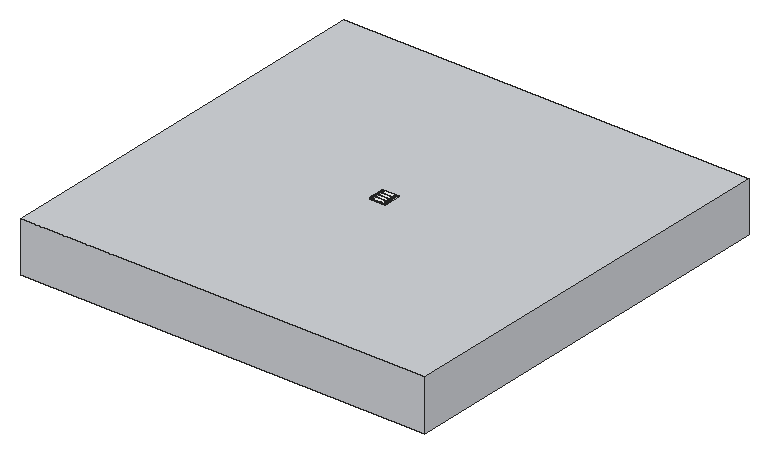
Revit family "Gira_5004003", category Elektroinstallationen, Revit 2017
Family settings
  Basisbauteil = Fläche
  Beschriftungsausrichtung beibehalten = Nein
  Bemaßung runder Anschluss = Durchmesser verwenden
  Teiletyp = Normal
  Beim Laden mit Abzugskörper schneiden = Nein
  Gemeinsam genutzt = Nein
  Raumberechnungspunkt = Nein
Parameters (values of type "KNX Tastsens.4 Komfort 4f TS4 Weiß")
  White = White
  Default Elevation = 1219.2 mm
  URL = "https://www.gira.de/"
  Typname = "KNX Tastsens.4 Komfort 4f TS4 Weiß"
  Type Comments = ""
  Transparent = no
  Schutzart (IP) = "IP21"
  Produktseite = "https://media.stage.bim.site/t/eyJhbGciOiJIUzI1NiIsInR5cCI6IkpXVCJ9.eyJjdCI6MiwidHUiOiJodHRwOi8va2F0YWxvZy5naXJhLmRlL2RlX0RFL2RhdGVuYmxhdHQuaHRtbD9hcnRpa2VsbnI9NTAwNDAwMyIsImNpZCI6IjMyNzdjYzIzLTgxYTktNGVlMy1hOTBhLWI0N2JiNGMwYjYxNiIsInJpZCI6ImNlNzc0YjJlNjc4MmYxYzEyYzVmMTc0YTc4OWRlMmFmIiwicGlkIjoiMzYwMWJmNWIxYWUxNTM5NzUzNmQxOWY0NGZiM2NiNzYxZGQ5ZTM5NSIsInNpZCI6IjYzNDcwIiwidXQiOjEsImxjIjoiZGUiLCJpYXQiOjE2MDA5NDM2ODEsImlzcyI6Imh0dHBzOi8vYXBpLmxpdmUuYmltLnNpdGUiLCJzdWIiOiJhZG1pbkBiaW1zaXRlLmRldiJ9.6n3idcJDnQzYIHgHJ4ButQVHaeFI8gFtYwCv_SGjwB0"
  Montageart = "Unterputz"
  Model = ""
  Mit Raumthermostat = no
  Mit LED-Anzeige = yes
  Mit Infrarotsensor = no
  Mit Display = no
  Mit Diebstahl-/Demontageschutz = yes
  Mit Busankopplung = yes
  Mit Beschriftungsfeld = no
  Kosten = 0
  Hersteller = "Gira"
  HeinzeBIM = "https://www.heinze.de/bim/knx-tastsens-4-komfort-4f-ts4-weiss/3601bf5b1ae15397536d19f44fb3cb761dd9e395"
  HAN = "5004003"
  GTIN = "4010337070627"
  Funk bidirektional = no
  Farbe = "weiß"
  Datenblatt 1 = "https://media.stage.bim.site/t/eyJhbGciOiJIUzI1NiIsInR5cCI6IkpXVCJ9.eyJjdCI6MSwidGYiOiJwdWJsaWMvZ2lyYS9hZThjNTU3LzUwMDQwMDMudHh0IiwiY2lkIjoiMzI3N2NjMjMtODFhOS00ZWUzLWE5MGEtYjQ3YmI0YzBiNjE2IiwicmlkIjoiY2U3NzRiMmU2NzgyZjFjMTJjNWYxNzRhNzg5ZGUyYWYiLCJwaWQiOiIzNjAxYmY1YjFhZTE1Mzk3NTM2ZDE5ZjQ0ZmIzY2I3NjFkZDllMzk1Iiwic2lkIjoiNjM0NzAiLCJ1dCI6MSwibGMiOiJkZSIsImlhdCI6MTYwMDk0MzY4MSwiaXNzIjoiaHR0cHM6Ly9hcGkubGl2ZS5iaW0uc2l0ZSIsInN1YiI6ImFkbWluQGJpbXNpdGUuZGV2In0.x3JPJ9P9UYz8blVzHyurWYUBGxln1pHwacUp8KBoyck/5004003.txt"
  Datenblatt = "https://media.stage.bim.site/t/eyJhbGciOiJIUzI1NiIsInR5cCI6IkpXVCJ9.eyJjdCI6MSwidHUiOiJodHRwczovL2thdGFsb2cuZ2lyYS5kZS9kZV9ERS9kb3dubG9hZC5odG1sP2FydGlrZWxucj01MDA0MDAzIiwiY2lkIjoiMzI3N2NjMjMtODFhOS00ZWUzLWE5MGEtYjQ3YmI0YzBiNjE2IiwicmlkIjoiY2U3NzRiMmU2NzgyZjFjMTJjNWYxNzRhNzg5ZGUyYWYiLCJwaWQiOiIzNjAxYmY1YjFhZTE1Mzk3NTM2ZDE5ZjQ0ZmIzY2I3NjFkZDllMzk1Iiwic2lkIjoiNjM0NzAiLCJ1dCI6MSwibGMiOiJkZSIsImlhdCI6MTYwMDk0MzY4MSwiaXNzIjoiaHR0cHM6Ly9hcGkubGl2ZS5iaW0uc2l0ZSIsInN1YiI6ImFkbWluQGJpbXNpdGUuZGV2In0.-nIoi3W0-dDuKJc0kYW5twNt1vpEfW1oqjuq3j1aFUE"
  Bussystem Powernet = no
  Bussystem LON = no
  Bussystem KNX-Funk = no
  Bussystem KNX = yes
  Bussystem Funkbus = no
  Beschreibung = "KNX Tastsensor 4 Komfort 4fach   Weiß Merkmale:  Tastsensor mit integriertem Busankoppler und der Möglichkeit einen verdrahteten Fernfühler anzuschließen.  Wippen- oder Tastenfunktion für jede Bedienfläche einstellbar.  Funktionen: Schalten, Dimmen, Jalousie, Wertgeber, Szenennebenstelle, 2-Kanal-Bedienung und Reglernebenstelle.  Schalten: Reaktion beim Drücken und   oder Loslassen, Einschalten, Ausschalten, Umschalten.  Dimmen: Zeiten für kurze und lange Betätigung, Dimmen in verschiedenen Stufen, Telegrammwiederholung bei langer Betätigung, Senden eines Stopptelegramms bei Ende der Betätigung.  Jalousiesteuerung: vier verschiedene Bedienkonzepte mit Zeiten für kurze und lange Betätigung und Lamellenverstellung.  Wertgeberfunktion: Wahl des Wertebereichs, Wert bei Betätigung.  Szenennebenstelle: mit oder ohne Speicherfunktion, Abruf interne Szene mit oder ohne Speicherfunktion.  2-Kanal-Bedienung: Für jede Wippe oder jede Taste kann die Bedienung von zwei unabhängigen Kanälen eingestellt werden. Dadurch können durch einen Tastendruck bis zu zwei Telegramme auf den Bus gesendet werden. Die Kanäle können unabhängig voneinander auf die Funktionen Schalten, Wertgeber oder Szene aufrufen parametriert werden. Reglernebenstelle- Eigenschaften:  Durch die Tastsensorfunktion Reglernebenstelle können externe Raumtemperaturregler angesteuert werden.  Betriebsmodusumschaltung, Zwang-Betriebsmodusumschaltung, Präsenzfunktion und Sollwertverschiebung.  Auswertung des Reglerzustandes über die Status-LED. Funktionen der Status-LED:  Jede Status-LED kann unabhängig zur Bedienfläche parametriert werden.  Die Status-LED können wahlweise rot, grün, blau, gelb, cyan, orange, violett oder weiß leuchten.  Funktionen Status-LED: immer AUS, immer EIN, Betätigungsanzeige, Telegrammquittierung, Statusanzeige, invertierte Statusanzeige, Ansteuerung über separates LED-Objekt, Betriebsmodusanzeige, Anzeige Reglerstatus, Anzeige Präsenzstatus und Anzeige invertierter Präsenzstatus.  Zusätzlich kann für jede Status-LED eine überlagerte Funktion freigegeben werden, wodurch eine andere Farbe und Anzeigeart eingestellt werden kann. Allgemeine Funktionen:  LED Alarmmeldung: Sämtliche LED des Tastsensors können bei einer Alarmmeldung gleichzeitig rot blinken.  LED Orientierungsbeleuchtung: Zur Orientierung können alle LED dauerhaft ausgeschaltet oder eingeschaltet sein, den Status eines separaten Kommunikationsobjekts anzeigen (EIN, AUS, blinken) oder bei einem beliebigen Tastendruck eingeschaltet und nach Ablauf einer Verzögerungszeit automatisch wieder abgeschaltet werden.  LED Nachtabsenkung: Steuerung der Helligkeit aller Status-LED durch ein Kommunikationsobjekt. Dadurch ist beispielsweise das Reduzieren der Helligkeit während der Nachtstunden auf einen in der ETS konfigurierten Wert möglich.  Sperrfunktion zum Sperren von einzelnen Tasten- bzw. Wippen.  Szenenfunktion: Interne Speicherung von bis zu acht Szenen mit acht Ausgangskanälen.  Temperaturmessung: Raumtemperaturmessungen durch internen Fühler, internen und verdrahteten Fernfühler oder internen und externen Fühler.  Raumfeuchtemessung: Messung der Raumfeuchte durch internen Fühler.  Demontageschutz  Updatefähig und vorbereitet für KNX Secure.  Hinweise :  Professionelle Beschriftung über den Gira Beschriftungsservice www.beschriftung.gira.de.  Der Tastsensor wird mit einer programmneutralen Inbetriebnahme-Wippe geliefert. Das passende Wippenset zum Schalterprogramm ist separat zu bestellen."
  Assembly Code = ""
  Keynote = ""
  BIMSITE_PRODUCT_ID = "3601bf5b1ae15397536d19f44fb3cb761dd9e395"
  BIM = "https://media.stage.bim.site/t/eyJhbGciOiJIUzI1NiIsInR5cCI6IkpXVCJ9.eyJjdCI6MSwidGYiOiJwdWJsaWMvZ2lyYS9hZThjNTU3LzQwXzUwMDQwMCBUUzQgNGZhY2gucmZhIiwiY2lkIjoiMzI3N2NjMjMtODFhOS00ZWUzLWE5MGEtYjQ3YmI0YzBiNjE2IiwicmlkIjoiY2U3NzRiMmU2NzgyZjFjMTJjNWYxNzRhNzg5ZGUyYWYiLCJwaWQiOiIzNjAxYmY1YjFhZTE1Mzk3NTM2ZDE5ZjQ0ZmIzY2I3NjFkZDllMzk1Iiwic2lkIjoiNjM0NzAiLCJ1dCI6NSwibGMiOiJkZSIsImlhdCI6MTYwMDk0MzY4MSwiaXNzIjoiaHR0cHM6Ly9hcGkubGl2ZS5iaW0uc2l0ZSIsInN1YiI6ImFkbWluQGJpbXNpdGUuZGV2In0.tTOxEvctldiqfJqbeWaKwUZ4RtIDBPROrukd0DKVZr8/40_500400 TS4 4fach.rfa"
  Anzahl der Tasten = 4
  Andere Bussysteme = "ohne"
Reference planes
  plane 1 "Center (Front/Back)": y = 0
  plane 2: z = 0
  plane 3 "Center (Left/Right)": x = 0
Forms (mm)
  Extrusion 1, solid
    sketch origin (0, 0, 0) x (1, 0, 0) y (0, 1, 0)
      loop
        line (-1219.2, 1219.2) -> (-1219.2, -1219.2) -> (1219.2, -1219.2) -> (1219.2, 1219.2) -> (-1219.2, 1219.2)
    from 0 to -304.8
  Extrusion 2, solid, material "White", detail levels fine
    sketch origin (0, 0, 0) x (1, 0, 0) y (0, 1, 0)
      loop
        line (25.45, 35.45) -> (-25.45, 35.45)
        arc (-25.45, 35.45) -> (-32.521, 32.521) -> (-35.45, 25.45) r 10
        line (-35.45, 25.45) -> (-35.45, -25.45)
        arc (-35.45, -25.45) -> (-32.521, -32.521) -> (-25.45, -35.45) r 10
        line (-25.45, -35.45) -> (25.45, -35.45)
        arc (25.45, -35.45) -> (32.521, -32.521) -> (35.45, -25.45) r 10
        line (35.45, -25.45) -> (35.45, 25.45)
        arc (35.45, 25.45) -> (32.521, 32.521) -> (25.45, 35.45) r 10
      loop
        arc (-31.325, 28.496) -> (-31.325, 25.668) -> (-28.496, 25.668) r 2
        line (-28.496, 25.668) -> (-25.668, 28.496)
        arc (-25.668, 28.496) -> (-25.668, 31.325) -> (-28.496, 31.325) r 2
        line (-28.496, 31.325) -> (-31.325, 28.496)
      loop
        arc (-28.496, -31.325) -> (-25.668, -31.325) -> (-25.668, -28.496) r 2
        line (-25.668, -28.496) -> (-28.496, -25.668)
        arc (-28.496, -25.668) -> (-31.325, -25.668) -> (-31.325, -28.496) r 2
        line (-31.325, -28.496) -> (-28.496, -31.325)
      loop
        line (31.325, 28.496) -> (28.496, 31.325)
        arc (28.496, 31.325) -> (25.668, 31.325) -> (25.668, 28.496) r 2
        line (25.668, 28.496) -> (28.496, 25.668)
        arc (28.496, 25.668) -> (31.325, 25.668) -> (31.325, 28.496) r 2
      loop
        line (28.496, -31.325) -> (31.325, -28.496)
        arc (31.325, -28.496) -> (31.325, -25.668) -> (28.496, -25.668) r 2
        line (28.496, -25.668) -> (25.668, -28.496)
        arc (25.668, -28.496) -> (25.668, -31.325) -> (28.496, -31.325) r 2
      loop
        line (-13.39, 22.831) -> (-22.831, 13.39) -> (-22.831, -13.39) -> (-13.39, -22.831) -> (13.39, -22.831) -> (22.831, -13.39) -> (22.831, 13.39) -> (13.39, 22.831) -> (-13.39, 22.831)
      loop
        arc (-1.681, 31.793) -> (-6.669, 29.581) -> (-1.417, 28.102) r 2.9
        arc (-1.417, 28.102) -> (2.178, 28.079) -> (5.741, 27.6) r 28.291
        arc (5.741, 27.6) -> (7.553, 29.282) -> (6.077, 31.265) r 1.851
        arc (6.077, 31.265) -> (2.215, 31.784) -> (-1.681, 31.793) r 29.64
      loop
        arc (1.681, -31.793) -> (6.669, -29.581) -> (1.417, -28.102) r 2.9
        arc (1.417, -28.102) -> (-2.178, -28.079) -> (-5.741, -27.6) r 28.291
        arc (-5.741, -27.6) -> (-7.553, -29.282) -> (-6.077, -31.265) r 1.851
        arc (-6.077, -31.265) -> (-2.215, -31.784) -> (1.681, -31.793) r 29.64
      loop
        arc (-31.793, -1.681) -> (-29.581, -6.669) -> (-28.102, -1.417) r 2.9
        arc (-28.102, -1.417) -> (-28.079, 2.178) -> (-27.6, 5.741) r 28.291
        arc (-27.6, 5.741) -> (-29.282, 7.553) -> (-31.265, 6.077) r 1.851
        arc (-31.265, 6.077) -> (-31.784, 2.215) -> (-31.793, -1.681) r 29.64
      loop
        arc (31.793, 1.681) -> (29.581, 6.669) -> (28.102, 1.417) r 2.9
        arc (28.102, 1.417) -> (28.079, -2.178) -> (27.6, -5.741) r 28.291
        arc (27.6, -5.741) -> (29.282, -7.553) -> (31.265, -6.077) r 1.851
        arc (31.265, -6.077) -> (31.784, -2.215) -> (31.793, 1.681) r 29.64
    from 0 to -1
  Extrusion 3, solid, material "White", detail levels medium+fine
    sketch origin (0, 0, 0) x (1, 0, 0) y (0, 1, 0)
      loop
        line (-22.831, 13.39) -> (-22.831, -13.39) -> (-13.39, -22.831) -> (13.39, -22.831) -> (22.831, -13.39) -> (22.831, 13.39) -> (13.39, 22.831) -> (-13.39, 22.831) -> (-22.831, 13.39)
    from 0 to -15.5
  Extrusion 4, solid, material "White", detail levels medium
    sketch origin (0, 0, 0) x (1, 0, 0) y (0, 1, 0)
      loop
        line (35.45, 35.45) -> (-35.45, 35.45) -> (-35.45, -35.45) -> (35.45, -35.45) -> (35.45, 35.45)
    from 0 to -1
  Extrusion 5, solid, material "White" <- "White", detail levels fine
    sketch origin (0, 0, 0) x (1, 0, 0) y (0, 1, 0)
      loop
        arc (-41.4, 44.4) -> (-43.521, 43.521) -> (-44.4, 41.4) r 3
        line (-44.4, 41.4) -> (-44.4, -41.4)
        arc (-44.4, -41.4) -> (-43.521, -43.521) -> (-41.4, -44.4) r 3
        line (-41.4, -44.4) -> (41.4, -44.4)
        arc (41.4, -44.4) -> (43.521, -43.521) -> (44.4, -41.4) r 3
        line (44.4, -41.4) -> (44.4, 41.4)
        arc (44.4, 41.4) -> (43.521, 43.521) -> (41.4, 44.4) r 3
        line (41.4, 44.4) -> (-41.4, 44.4)
      loop
        arc (-42.4, -41.4) -> (-42.107, -42.107) -> (-41.4, -42.4) r 1
        line (-41.4, -42.4) -> (41.4, -42.4)
        arc (41.4, -42.4) -> (42.107, -42.107) -> (42.4, -41.4) r 1
        line (42.4, -41.4) -> (42.4, 41.4)
        arc (42.4, 41.4) -> (42.107, 42.107) -> (41.4, 42.4) r 1
        line (41.4, 42.4) -> (-41.4, 42.4)
        arc (-41.4, 42.4) -> (-42.107, 42.107) -> (-42.4, 41.4) r 1
        line (-42.4, 41.4) -> (-42.4, -41.4)
    from 0 to 4
  Extrusion 6, solid, material "White" <- "White", detail levels medium
    sketch origin (0, 0, 0) x (1, 0, 0) y (0, 1, 0)
      loop
        line (-44.4, 44.4) -> (-44.4, -44.4) -> (44.4, -44.4) -> (44.4, 44.4) -> (-44.4, 44.4)
    from 0 to 4
  Extrusion 7, solid, material "White" <- "White", detail levels fine
    sketch origin (0, 0, 0) x (1, 0, 0) y (0, 1, 0)
      loop
        line (-46.5, -47.5) -> (46.5, -47.5)
        arc (46.5, -47.5) -> (47.207, -47.207) -> (47.5, -46.5) r 1
        line (47.5, -46.5) -> (47.5, 46.5)
        arc (47.5, 46.5) -> (47.207, 47.207) -> (46.5, 47.5) r 1
        line (46.5, 47.5) -> (-46.5, 47.5)
        arc (-46.5, 47.5) -> (-47.207, 47.207) -> (-47.5, 46.5) r 1
        line (-47.5, 46.5) -> (-47.5, -46.5)
        arc (-47.5, -46.5) -> (-47.207, -47.207) -> (-46.5, -47.5) r 1
    from 4 to 9
  Extrusion 8, solid, material "White" <- "White", detail levels medium
    sketch origin (0, 0, 0) x (1, 0, 0) y (0, 1, 0)
      loop
        line (-47.5, -47.5) -> (47.5, -47.5) -> (47.5, -23.957) -> (-47.5, -23.947) -> (-47.5, -47.5)
      loop
        line (-47.5, -23.647) -> (47.5, -23.657) -> (47.5, -0.2) -> (-47.5, -0.2) -> (-47.5, -23.647)
      loop
        line (-47.5, 47.5) -> (-47.5, 23.947) -> (47.5, 23.957) -> (47.5, 47.5) -> (-47.5, 47.5)
      loop
        line (-47.5, 23.647) -> (-47.5, 0.2) -> (47.5, 0.2) -> (47.5, 23.657) -> (-47.5, 23.647)
    from 4 to 10.7
  Extrusion 9, solid, material "White" <- "White", detail levels fine
    sketch origin (0, 0, 0) x (1, 0, 0) y (0, 1, 0)
      loop
        line (47.5, 24.957) -> (47.5, 46.5)
        arc (47.5, 46.5) -> (47.207, 47.207) -> (46.5, 47.5) r 1
        line (46.5, 47.5) -> (-46.5, 47.5)
        arc (-46.5, 47.5) -> (-47.207, 47.207) -> (-47.5, 46.5) r 1
        line (-47.5, 46.5) -> (-47.5, 24.947)
        arc (-47.5, 24.947) -> (-47.207, 24.24) -> (-46.5, 23.947) r 1
        line (-46.5, 23.947) -> (46.5, 23.957)
        arc (46.5, 23.957) -> (47.207, 24.25) -> (47.5, 24.957) r 1
      loop
        line (-46.5, 0.2) -> (46.5, 0.2)
        arc (46.5, 0.2) -> (47.207, 0.493) -> (47.5, 1.2) r 1
        line (47.5, 1.2) -> (47.5, 22.657)
        arc (47.5, 22.657) -> (47.207, 23.364) -> (46.5, 23.657) r 1
        line (46.5, 23.657) -> (-46.5, 23.647)
        arc (-46.5, 23.647) -> (-47.207, 23.354) -> (-47.5, 22.647) r 1
        line (-47.5, 22.647) -> (-47.5, 1.2)
        arc (-47.5, 1.2) -> (-47.207, 0.493) -> (-46.5, 0.2) r 1
      loop
        arc (47.5, -24.957) -> (47.207, -24.25) -> (46.5, -23.957) r 1
        line (46.5, -23.957) -> (-46.5, -23.947)
        arc (-46.5, -23.947) -> (-47.207, -24.24) -> (-47.5, -24.947) r 1
        line (-47.5, -24.947) -> (-47.5, -46.5)
        arc (-47.5, -46.5) -> (-47.207, -47.207) -> (-46.5, -47.5) r 1
        line (-46.5, -47.5) -> (46.5, -47.5)
        arc (46.5, -47.5) -> (47.207, -47.207) -> (47.5, -46.5) r 1
        line (47.5, -46.5) -> (47.5, -24.957)
      loop
        arc (-46.5, -0.2) -> (-47.207, -0.493) -> (-47.5, -1.2) r 1
        line (-47.5, -1.2) -> (-47.5, -22.647)
        arc (-47.5, -22.647) -> (-47.207, -23.354) -> (-46.5, -23.647) r 1
        line (-46.5, -23.647) -> (46.5, -23.657)
        arc (46.5, -23.657) -> (47.207, -23.364) -> (47.5, -22.657) r 1
        line (47.5, -22.657) -> (47.5, -1.2)
        arc (47.5, -1.2) -> (47.207, -0.493) -> (46.5, -0.2) r 1
        line (46.5, -0.2) -> (-46.5, -0.2)
    from 9.3 to 10.3
  Extrusion 10, solid, material "White" <- "White", detail levels fine
    sketch origin (0, 0, 0) x (1, 0, 0) y (0, 1, 0)
      loop
        line (-37.5, 40.697) -> (-47.5, 40.697) -> (-47.5, 39.897) -> (-37.5, 39.897)
        arc (-37.5, 39.897) -> (-33.3, 35.697) -> (-37.5, 31.497) r 4.2
        line (-37.5, 31.497) -> (-47.5, 31.497) -> (-47.5, 30.697) -> (-37.5, 30.697)
        arc (-37.5, 30.697) -> (-32.5, 35.697) -> (-37.5, 40.697) r 5
      loop
        arc (37.5, 40.697) -> (32.5, 35.697) -> (37.5, 30.697) r 5
        line (37.5, 30.697) -> (47.5, 30.697) -> (47.5, 31.497) -> (37.5, 31.497)
        arc (37.5, 31.497) -> (33.3, 35.697) -> (37.5, 39.897) r 4.2
        line (37.5, 39.897) -> (47.5, 39.897) -> (47.5, 40.697) -> (37.5, 40.697)
      loop
        arc (-37.5, -16.883) -> (-32.5, -11.883) -> (-37.5, -6.883) r 5
        line (-37.5, -6.883) -> (-47.5, -6.883) -> (-47.5, -7.683) -> (-37.5, -7.683)
        arc (-37.5, -7.683) -> (-33.3, -11.883) -> (-37.5, -16.083) r 4.2
        line (-37.5, -16.083) -> (-47.5, -16.083) -> (-47.5, -16.883) -> (-37.5, -16.883)
      loop
        line (37.5, -16.883) -> (47.5, -16.883) -> (47.5, -16.083) -> (37.5, -16.083)
        arc (37.5, -16.083) -> (33.3, -11.883) -> (37.5, -7.683) r 4.2
        line (37.5, -7.683) -> (47.5, -7.683) -> (47.5, -6.883) -> (37.5, -6.883)
        arc (37.5, -6.883) -> (32.5, -11.883) -> (37.5, -16.883) r 5
      loop
        arc (-37.5, -40.697) -> (-32.5, -35.697) -> (-37.5, -30.697) r 5
        line (-37.5, -30.697) -> (-47.5, -30.697) -> (-47.5, -31.497) -> (-37.5, -31.497)
        arc (-37.5, -31.497) -> (-33.3, -35.697) -> (-37.5, -39.897) r 4.2
        line (-37.5, -39.897) -> (-47.5, -39.897) -> (-47.5, -40.697) -> (-37.5, -40.697)
      loop
        line (37.5, -40.697) -> (47.5, -40.697) -> (47.5, -39.897) -> (37.5, -39.897)
        arc (37.5, -39.897) -> (33.3, -35.697) -> (37.5, -31.497) r 4.2
        line (37.5, -31.497) -> (47.5, -31.497) -> (47.5, -30.697) -> (37.5, -30.697)
        arc (37.5, -30.697) -> (32.5, -35.697) -> (37.5, -40.697) r 5
      loop
        line (-37.5, 16.883) -> (-47.5, 16.883) -> (-47.5, 16.083) -> (-37.5, 16.083)
        arc (-37.5, 16.083) -> (-33.3, 11.883) -> (-37.5, 7.683) r 4.2
        line (-37.5, 7.683) -> (-47.5, 7.683) -> (-47.5, 6.883) -> (-37.5, 6.883)
        arc (-37.5, 6.883) -> (-32.5, 11.883) -> (-37.5, 16.883) r 5
      loop
        arc (37.5, 16.883) -> (32.5, 11.883) -> (37.5, 6.883) r 5
        line (37.5, 6.883) -> (47.5, 6.883) -> (47.5, 7.683) -> (37.5, 7.683)
        arc (37.5, 7.683) -> (33.3, 11.883) -> (37.5, 16.083) r 4.2
        line (37.5, 16.083) -> (47.5, 16.083) -> (47.5, 16.883) -> (37.5, 16.883)
    from 9.5 to 10.7
  Extrusion 11, solid, material "White" <- "White", detail levels coarse
    sketch origin (0, 0, 0) x (1, 0, 0) y (0, 1, 0)
      loop
        line (-47.5, -47.5) -> (47.5, -47.5) -> (47.5, 47.5) -> (-47.5, 47.5) -> (-47.5, -47.5)
    from -15.4 to 10.7
Lines and regions (mm)
  reference lines
    curve 1: line (0, 47.5, 0) -> (0, -47.5, 0)
    curve 2: line (-47.5, 0, 0) -> (47.5, 0, 0)
Dimensions and locks
  aligned and locked: plane 2 to Extrusion 1
  aligned and locked: level to Extrusion 1
Connectors
  electrical at (0, 0, -15.5)
    settings: on Extrusion 3, index 1, voltage 220 V, apparent load 0 VA, apparent load phase1 0 VA, apparent load phase2 0 VA, apparent load phase3 0 VA, power factor 1, load classification "Other", number of poles 1, system type 31, power factor state 1, is connector primary yes, connector utility no, sub classification motor no, connector description ""
